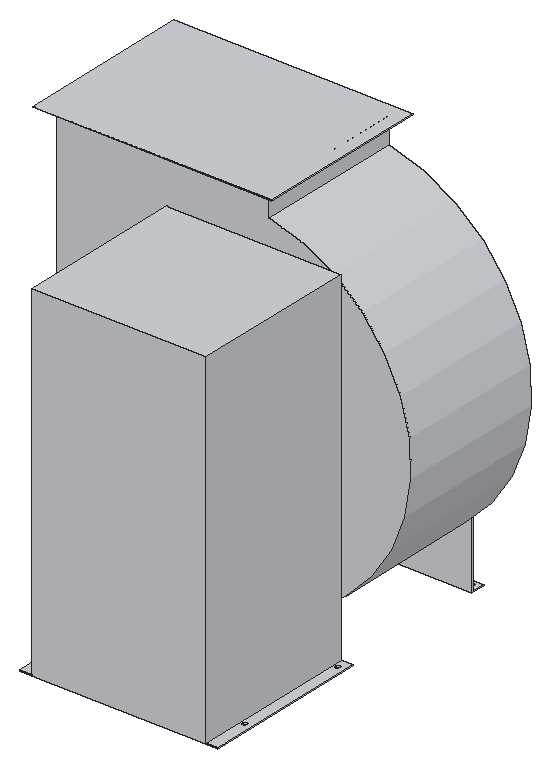
Revit family "CPFB_CW_UBD", category Mechanical Equipment, Revit 2019
Family settings
  Round Connector Dimension = Use Radius
  Part Type = Normal
  Work Plane-Based = No
  Always vertical = Yes
  Cut with Voids When Loaded = No
  Shared = No
  Room Calculation Point = No
Parameters (values of type "300-CPFB_CW_UBD")
  Z = 1' - 0 5/8"
  Y = 1' - 2 5/16"
  X = 3' - 1"
  W+M = W + M  # 2' - 2 3/16"
  W+1.5+K+L = W + 0' 1 1/2" + K + L  # 4' - 2 1/2"
  W+1.5 = W + 0' 1 1/2"  # 0' - 6 1/2"
  W = 0' - 5"
  V = 1' - 1 1/2"
  Unit Weight [instance] = ""
  U-.125 = U - 0' 0 1/8"  # 0' - 2"
  U = 0' - 2 1/8"
  T = 0' - 1"
  Sones [instance] = ""
  S/2 = S / 2  # 0' - 0 11/32"
  S = 0' - 0 11/16"
  R = 0' - 1 3/16"
  Q = 0' - 4"
  P-U = P - U  # 4' - 11 3/8"
  P = 5' - 1 1/2"
  N = 2' - 1 5/16"
  Motor RPM [instance] = ""
  Motor Enclosure [instance] = ""
  ModelID [instance] = ""
  M = 1' - 9 3/16"
  LwA [instance] = ""
  L = 2' - 2"
  K = 1' - 6"
  J = 2' - 3 3/16"
  H = 4' - 5 5/8"
  G-V = G - V  # 0' - 1 13/16"
  G = 1' - 3 5/16"
  Fan RPM [instance] = ""
  F-.125 = F - 0' 0 1/8"  # 2' - 0 1/4"
  F = 2' - 0 3/8"
  E-U = E - U  # 4' - 6 7/8"
  E = 4' - 9"
  D = 2' - 11 5/8"
  C/8*7 = C / 8 * 2.5  # 0' - 10 235/256"
  C/8 = C / 6  # 0' - 5.82292"
  C/2 = C / 2  # 1' - 5 15/32"
  C = 2' - 10 15/16"
  Brake Hp [instance] = ""
  B = 2' - 8 13/16"
  Accessories [instance] = ""
  A+.25 = A + 0' 0 1/4"  # 1' - 11 3/16"
  A = 1' - 10 15/16"
  CUT = 0' - 2 1/2"
  4" = 0' - 4"  # constant formula
  1'8" = 1' - 8"  # constant formula
  0 = 0' - 0"  # constant formula
  Voltage [instance] = 0 V
  URL = "www.lorencook.com"
  Type Comments = "Foward Curved Centrifugal Blower Clockwise Upblast Arrangement 10"  # constant formula
  Static Pressure [instance] = 0.00 in-wg
  Power [instance] = Voltage * Motor FLA * sqrt(if(Phase = 3, 3, 1))  # 0 VA
  Phase [instance] = 0
  Number of Poles [instance] = 1
  Motor Hp [instance] = "0"
  Motor FLA [instance] = 0 A
  Model = "CPFB_CW_UBD"  # constant formula
  Manufacturer = "Loren Cook Company"
  CFM [instance] = 0 CFM
  1.5 = 0' - 1 1/2"  # constant formula
  ONE EIGTH = 0' - 0 1/8"  # constant formula
  -1.5 = -0' - 1 1/2"  # constant formula
  -.125 = -0' - 0 1/8"  # constant formula
  -(A+.25) = -(A + 0' 0 1/4")  # -1' - 11 3/16"
  (C/2)-1.5 = (C / 2) - 0' 1 1/2"  # 1' - 3 31/32"
  (C/2)-.25 = (C / 2) - 0' 0 1/4"  # 1' - 5 7/32"
Types (9): name | Z | Y | X | W+M | W+1.5+K+L | W+1.5 | W | V | U-.125 | U | T | S/2 | S | R | Q | P-U | P | N | M | L | K | J | H | G-V | G | F-.125 | F | E-U | E | D | C/8*7 | C/8 | C/2 | C | B | A+.25 | A | CUT | -(A+.25) | (C/2)-1.5 | (C/2)-.25
  (no name) | 1' - 0 5/8" | 1' - 2 5/16" | 3' - 1" | 2' - 2 3/16" | 4' - 2 1/2" | 0' - 6 1/2" | 0' - 5" | 1' - 1 1/2" | 0' - 2" | 0' - 2 1/8" | 0' - 1" | 0' - 0 11/32" | 0' - 0 11/16" | 0' - 1 3/16" | 0' - 4" | 4' - 11 3/8" | 5' - 1 1/2" | 2' - 1 5/16" | 1' - 9 3/16" | 2' - 2" | 1' - 6" | 2' - 3 3/16" | 4' - 5 5/8" | 0' - 1 13/16" | 1' - 3 5/16" | 2' - 0 1/4" | 2' - 0 3/8" | 4' - 6 7/8" | 4' - 9" | 2' - 11 5/8" | 0' - 10 235/256" | 0' - 5.82292" | 1' - 5 15/32" | 2' - 10 15/16" | 2' - 8 13/16" | 1' - 11 3/16" | 1' - 10 15/16" | 0' - 2 1/2" | -1' - 11 3/16" | 1' - 3 31/32" | 1' - 5 7/32"
  150-CPFB_CW_UBD | 0' - 6 9/16" | 0' - 8 5/8" | 1' - 7 5/8" | 1' - 7 1/8" | 2' - 7 5/8" | 0' - 5 1/2" | 0' - 4" | 0' - 8" | 0' - 1 1/2" | 0' - 1 5/8" | 0' - 0 3/4" | 0' - 0 9/32" | 0' - 0 9/16" | 0' - 0 3/4" | 0' - 3" | 2' - 8 3/4" | 2' - 10 3/8" | 1' - 1 1/4" | 1' - 3 1/8" | 1' - 2 1/8" | 1' - 0" | 1' - 2 5/8" | 2' - 5 1/16" | 0' - 1 3/8" | 0' - 9 3/8" | 1' - 0 1/16" | 1' - 0 3/16" | 2' - 2 7/8" | 2' - 4 1/2" | 1' - 7 1/16" | 0' - 5 125/128" | 0' - 3 3/16" | 0' - 9 9/16" | 1' - 7 1/8" | 1' - 4 7/16" | 0' - 11 11/16" | 0' - 11 7/16" | 0' - 2" | -0' - 11 11/16" | 0' - 8 1/16" | 0' - 9 5/16"
  180-CPFB_CW_UBD | 0' - 7 3/4" | 0' - 9 5/8" | 1' - 10 7/8" | 1' - 7 1/8" | 2' - 9 15/16" | 0' - 5 1/2" | 0' - 4" | 0' - 9" | 0' - 1 1/2" | 0' - 1 5/8" | 0' - 0 3/4" | 0' - 0 9/32" | 0' - 0 9/16" | 0' - 1" | 0' - 3" | 3' - 2 1/16" | 3' - 3 11/16" | 1' - 3 9/16" | 1' - 3 1/8" | 1' - 4 7/16" | 1' - 0" | 1' - 4 15/16" | 2' - 9 9/16" | 0' - 1 3/8" | 0' - 10 3/8" | 1' - 2 1/2" | 1' - 2 5/8" | 2' - 8 9/16" | 2' - 10 3/16" | 1' - 10 1/16" | 0' - 7 23/256" | 0' - 3 25/32" | 0' - 11 11/32" | 1' - 10 11/16" | 1' - 7 11/16" | 1' - 2" | 1' - 1 3/4" | 0' - 2" | -1' - 2" | 0' - 9 27/32" | 0' - 11 3/32"
  220-CPFB_CW_UBD | 0' - 9 7/16" | 0' - 11 1/8" | 2' - 3 13/16" | 1' - 11 1/8" | 3' - 5 3/8" | 0' - 6 1/2" | 0' - 5" | 0' - 10 1/2" | 0' - 1 1/2" | 0' - 1 5/8" | 0' - 0 3/4" | 0' - 0 9/32" | 0' - 0 9/16" | 0' - 1" | 0' - 4" | 3' - 10" | 3' - 11 5/8" | 1' - 7" | 1' - 6 1/8" | 1' - 7 7/8" | 1' - 3" | 1' - 8 7/16" | 3' - 5" | 0' - 1 3/8" | 0' - 11 7/8" | 1' - 6 3/16" | 1' - 6 5/16" | 3' - 5 1/8" | 3' - 6 3/4" | 2' - 3" | 0' - 8 147/256" | 0' - 4.57292" | 1' - 1 23/32" | 2' - 3 7/16" | 2' - 0 5/8" | 1' - 5 7/16" | 1' - 5 3/16" | 0' - 2" | -1' - 5 7/16" | 1' - 0 7/32" | 1' - 1 15/32"
  250-CPFB_CW_UBD | 0' - 10 1/2" | 1' - 0 3/8" | 2' - 7" | 1' - 11 1/8" | 3' - 7 3/16" | 0' - 6 1/2" | 0' - 5" | 0' - 11 1/2" | 0' - 2" | 0' - 2 1/8" | 0' - 1" | 0' - 0 11/32" | 0' - 0 11/16" | 0' - 1" | 0' - 4" | 4' - 1 1/4" | 4' - 3 3/8" | 1' - 9 1/16" | 1' - 6 1/8" | 1' - 9 11/16" | 1' - 3" | 1' - 11" | 3' - 8 5/8" | 0' - 1 7/8" | 1' - 1 3/8" | 1' - 7 3/4" | 1' - 7 7/8" | 3' - 8 3/8" | 3' - 10 1/2" | 2' - 5 5/8" | 0' - 9 51/256" | 0' - 4 29/32" | 1' - 2 23/32" | 2' - 5 7/16" | 2' - 2 13/16" | 1' - 7" | 1' - 6 3/4" | 0' - 2" | -1' - 7" | 1' - 1 7/32" | 1' - 2 15/32"
  270-CPFB_CW_UBD | 0' - 11 7/16" | 1' - 1 3/8" | 2' - 9 3/4" | 2' - 2 1/8" | 4' - 0 1/16" | 0' - 6 1/2" | 0' - 5" | 1' - 0 1/2" | 0' - 2" | 0' - 2 1/8" | 0' - 1" | 0' - 0 11/32" | 0' - 0 11/16" | 0' - 1" | 0' - 4" | 4' - 5 5/8" | 4' - 7 3/4" | 1' - 10 15/16" | 1' - 9 1/8" | 1' - 11 9/16" | 1' - 6" | 2' - 0 7/8" | 4' - 0 7/8" | 0' - 1 7/8" | 1' - 2 3/8" | 1' - 9 15/16" | 1' - 10 1/16" | 4' - 1 3/16" | 4' - 3 5/16" | 2' - 8 3/8" | 0' - 9 251/256" | 0' - 5.32292" | 1' - 3 31/32" | 2' - 7 15/16" | 2' - 5 9/16" | 1' - 8 7/8" | 1' - 8 5/8" | 0' - 2 1/4" | -1' - 8 7/8" | 1' - 2 15/32" | 1' - 3 23/32"
  300-CPFB_CW_UBD | 1' - 0 5/8" | 1' - 2 5/16" | 3' - 1" | 2' - 2 3/16" | 4' - 2 1/2" | 0' - 6 1/2" | 0' - 5" | 1' - 1 1/2" | 0' - 2" | 0' - 2 1/8" | 0' - 1" | 0' - 0 11/32" | 0' - 0 11/16" | 0' - 1 3/16" | 0' - 4" | 4' - 11 3/8" | 5' - 1 1/2" | 2' - 1 5/16" | 1' - 9 3/16" | 2' - 2" | 1' - 6" | 2' - 3 3/16" | 4' - 5 5/8" | 0' - 1 13/16" | 1' - 3 5/16" | 2' - 0 1/4" | 2' - 0 3/8" | 4' - 6 7/8" | 4' - 9" | 2' - 11 5/8" | 0' - 10 235/256" | 0' - 5.82292" | 1' - 5 15/32" | 2' - 10 15/16" | 2' - 8 13/16" | 1' - 11 3/16" | 1' - 10 15/16" | 0' - 2 1/2" | -1' - 11 3/16" | 1' - 3 31/32" | 1' - 5 7/32"
  120-CPFB_CW_UBD | 0' - 5 7/16" | 0' - 8 5/8" | 1' - 4 5/16" | 1' - 5 1/8" | 2' - 3 3/8" | 0' - 5 1/2" | 0' - 4" | 0' - 8" | 0' - 1 1/2" | 0' - 1 5/8" | 0' - 0 3/4" | 0' - 0 9/32" | 0' - 0 9/16" | 0' - 0 3/4" | 0' - 3" | 2' - 5 3/4" | 2' - 7 3/8" | 0' - 11" | 1' - 1 1/8" | 0' - 11 7/8" | 0' - 10" | 1' - 0 3/8" | 2' - 2 1/4" | 0' - 1 3/8" | 0' - 9 3/8" | 0' - 9 5/8" | 0' - 9 3/4" | 1' - 9 3/16" | 1' - 10 13/16" | 1' - 6" | 0' - 5 5/128" | 0' - 2 11/16" | 0' - 8 1/16" | 1' - 4 1/8" | 1' - 1 1/8" | 0' - 9 7/16" | 0' - 9 3/16" | 0' - 2 1/2" | -0' - 9 7/16" | 0' - 6 9/16" | 0' - 7 13/16"
  100-CPFB_CW_UBD | 0' - 4 5/8" | 0' - 8 5/8" | 1' - 2 1/16" | 1' - 5 1/8" | 2' - 1 3/4" | 0' - 5 1/2" | 0' - 4" | 0' - 8" | 0' - 1 1/2" | 0' - 1 5/8" | 0' - 0 3/4" | 0' - 0 9/32" | 0' - 0 9/16" | 0' - 0 3/4" | 0' - 3" | 2' - 5 1/8" | 2' - 6 3/4" | 0' - 9 3/8" | 1' - 1 1/8" | 0' - 10 1/4" | 0' - 10" | 0' - 10 3/4" | 2' - 1 1/4" | 0' - 1 3/8" | 0' - 9 3/8" | 0' - 8" | 0' - 8 1/8" | 1' - 5 3/8" | 1' - 7" | 1' - 6" | 0' - 4 53/128" | 0' - 2.35417" | 0' - 7 1/16" | 1' - 2 1/8" | 0' - 10 15/16" | 0' - 7 13/16" | 0' - 7 9/16" | 0' - 3 1/2" | -0' - 7 13/16" | 0' - 5 9/16" | 0' - 6 13/16"
Reference planes (in)
  plane 1 "Center (Front/Back)": y = 0
  plane 2: z = 0
  plane 3 "Center (Left/Right)": x = 0.40541
Forms (in)
  Extrusion 1, solid
    sketch origin (0, 0, 0) x (1, 0, 0) y (0, 1, 0)
      loop
        line (-13.09459, 0) -> (-13.09459, -26.1875) -> (13.90541, -26.1875) -> (13.90541, 0) -> (-13.09459, 0)
    from 0 to 53.625 <- "H"
  Extrusion 2, solid
    sketch origin (0, 0, 0) x (1, 0, 0) y (0, 1, 0)
      loop
        line (-13.09459, 0) -> (-14.90709, 0) -> (-14.90709, -26.1875) -> (-13.09459, -26.1875) -> (-13.09459, 0)
      loop
        line (13.90541, 0) -> (13.90541, -26.1875) -> (15.71791, -26.1875) -> (15.71791, 0) -> (13.90541, 0)
    from 0 to 0.125 <- "ONE EIGTH"
  Extrusion 3, solid
    sketch origin (0, 0, 0) x (1, 0, 0) y (0, 1, 0)
      loop
        line (-14.90709, 25.3125) -> (-14.90709, 23.1875) -> (15.71791, 23.1875) -> (15.71791, 25.3125) -> (-14.90709, 25.3125)
    from 0 to 0.125 <- "ONE EIGTH"
  Extrusion 4, solid
    sketch origin (15.71791, 23.1875, 0) x (-1, 0, 0) y (0, 0, -1)
      loop
        line (30.625, 0) -> (0, 0) -> (0, -35.625) -> (30.625, -35.625) -> (30.625, 0)
    from 0 to 0.125 <- "ONE EIGTH"
  Extrusion 5, void
    sketch origin (15.71791, 23.1875, 0) x (1, 0, 0) y (0, 0, -1)
      loop
        circle (-15.3125, -35.625) r 17.46875
    from -0.125 <- "-.125" to 0 <- "0"
  Extrusion 6, void
    sketch origin (0, 0, 0) x (1, 0, 0) y (0, 1, 0)
      loop
        circle (14.71791, -1.6875) r 0.34375
      loop
        circle (14.71791, -19.6875) r 0.34375
      loop
        circle (-13.90709, -19.6875) r 0.34375
      loop
        circle (-13.90709, -1.6875) r 0.34375
    from -12 to 12
  Extrusion 7, void
    sketch origin (0, 0, 0) x (1, 0, 0) y (0, 1, 0)
      loop
        circle (14.71791, 24.3125) r 0.34375
      loop
        circle (-13.90709, 24.3125) r 0.34375
    from -0.125 <- "-.125" to 0.125 <- "ONE EIGTH"
  Extrusion 8, solid
    sketch origin (15.71791, 23.0625, 0) x (-1, 0, 0) y (0, 0, -1)
      loop
        circle (15.3125, -35.625) r 17.46875
      loop
        circle (15.3125, -35.625) r 17.21875
    from 0 to -1.5 <- "-1.5"
  Extrusion 9, solid
    sketch origin (0, 0, 0) x (1, 0, 0) y (0, 0, 1)
      loop
        line (2.71791, 61.5) -> (-30.09459, 61.5) -> (-30.09459, 30.59413)
        arc (-30.09459, 30.59413) -> (14.74032, 9.37748) -> (2.71791, 57.5) r 27.4375
        line (2.71791, 57.5) -> (2.71791, 61.5)
    from 0 to -23.1875 <- "-(A+.25)"
  Extrusion 10, solid
    sketch origin (2.71791, 0, 61.5) x (-1, 0, 0) y (0, -1, 0)
      loop
        line (34.9375, 2) -> (-2.0625, 2) -> (-2.0625, -25.1875) -> (34.9375, -25.1875) -> (34.9375, 2)
    from 0 to 0.125 <- "ONE EIGTH"
  Revolve 11, void
    sketch origin (0.40541, 0, 0) x (0, 1, 0) y (0, 0, 1)
      loop
        line (23.1875, 51.59375) -> (17.36458, 46.54297) -> (17.36458, 35.625) -> (23.1875, 35.625) -> (23.1875, 51.59375)
      axis (17.36458, 35.625) -> (23.1875, 35.625)
    angle from 0 to 360
Cuts and joins
  Extrusion 5, Extrusion 7, Revolve 11 cuts Extrusion 4
  Extrusion 6 cuts Extrusion 1
  Extrusion 6 cuts Extrusion 2
  Extrusion 7 cuts Extrusion 3
  Revolve 11 cuts Extrusion 9
  Revolve 11 cuts Extrusion 8
Dimensions and locks (in)
  "0": Extrusion 1 sketch curve to plane 1 "Center (Front/Back)"
  "W+M": plane 1 "Center (Front/Back)" to Extrusion 1 sketch curve
  "V": plane 3 "Center (Left/Right)" to Extrusion 1 sketch curve
  "V": Extrusion 1 sketch curve to plane 3 "Center (Left/Right)"
  "0": Extrusion 2 sketch curve to plane 1 "Center (Front/Back)"  (x2)
  "0": Extrusion 1 to Extrusion 2 sketch curve  (x2)
  "0": Extrusion 2 sketch curve to Extrusion 1  (x2)
  "G-V": Extrusion 2 sketch curve to Extrusion 2 sketch curve  (x2)
  "N": plane 1 "Center (Front/Back)" to Extrusion 3 sketch curve
  "A+.25": Extrusion 3 sketch curve to plane 1 "Center (Front/Back)"
  "0": Extrusion 2 to Extrusion 3 sketch curve  (x2)
  "0": Extrusion 1 to Extrusion 4 sketch curve
  "D": Extrusion 4 sketch curve to Extrusion 4 sketch curve
  "0": Extrusion 4 sketch curve to Extrusion 2  (x2)
  "D": Extrusion 1 to Extrusion 5 sketch curve
  "V": Extrusion 1 to Extrusion 5 sketch curve
  "Y": plane 3 "Center (Left/Right)" to Extrusion 6 sketch curve  (x2)
  "Y": Extrusion 6 sketch curve to plane 3 "Center (Left/Right)"  (x2)
  "W+1.5": Extrusion 1 to Extrusion 6 sketch curve  (x2)
  "K": Extrusion 6 sketch curve to Extrusion 6 sketch curve  (x2)
  "W+1.5+K+L": cut or joined group of Extrusion 1, Extrusion 6 to Extrusion 7 sketch curve  (x2)
  "V": cut or joined group of Extrusion 1, Extrusion 6 to Extrusion 8 sketch curve  (x2)
  "D": Extrusion 8 sketch curve to cut or joined group of Extrusion 1, Extrusion 6  (x2)
  "T": Extrusion 7 sketch curve to cut or joined group of Extrusion 3, Extrusion 7
  "T": cut or joined group of Extrusion 3, Extrusion 7 to Extrusion 7 sketch curve
  "F": Extrusion 9 sketch curve to plane 3 "Center (Left/Right)"
  "E-U": Extrusion 9 sketch curve to Extrusion 9 sketch curve
  "P": Extrusion 9 sketch curve to level
  "B": Extrusion 9 sketch curve to Extrusion 9 sketch curve
  "J": Extrusion 10 sketch curve to Extrusion 10 sketch curve
  "X": Extrusion 10 sketch curve to Extrusion 10 sketch curve
  "U-.125": Extrusion 10 sketch curve to cut or joined group of Extrusion 9, Revolve 11
  "U": Extrusion 10 sketch curve to cut or joined group of Extrusion 9, Revolve 11
  "D": Revolve 11 sketch curve to level  (x2)
  "0": Revolve 11 sketch curve to cut or joined group of Extrusion 9, Revolve 11
  "C/8": Revolve 11 sketch curve to Revolve 11 sketch curve
  "C/8*7": Revolve 11 sketch curve to Revolve 11 sketch curve
  "(C/2)-1.5": Revolve 11 sketch curve to Revolve 11 sketch curve
  "4"": Extrusion 9 sketch curve to Extrusion 9 sketch curve
  "C/2": radius of Extrusion 5 sketch curve
  "S/2": radius of Extrusion 6 sketch curve  (x4)
  "S/2": radius of Extrusion 7 sketch curve  (x2)
  "C/2": radius of Extrusion 8 sketch curve
  "(C/2)-.25": radius of Extrusion 8 sketch curve
Automatic sketch dimensions
  Revolve 11 sketch curve to Revolve 11 sketch curve = 0' - 0"
  Revolve 11 sketch curve to Revolve 11 sketch curve = 0' - 3 3/4"
Connectors (in)
  hvac at (0.40541, 24.5625, 35.625), driven by "C/2"
    settings: on cut or joined group of Extrusion 8, Revolve 11, index 1, duct flow 0 CFM, flow factor 0, pres drop 0.00 in-wg, loss coef 0, conn angle 0.00°, conn width 12", conn height 12", conn diameter 34 15/16", duct sys type 29, conn prof type 0, flow config 0, flow direction 1, loss method 0, conn ref index -1, conn util no, is conn primary yes, conn desc ""
  hvac at (-13.71959, 11.59375, 61.5), driven by "B", driven by "A"
    settings: on Extrusion 10, index 2, duct flow 0 CFM, flow factor 0, pres drop 0.00 in-wg, loss coef 0, conn angle 0.00°, conn width 32 13/16", conn height 22 15/16", conn diameter 24", duct sys type 29, conn prof type 1, flow config 0, flow direction 2, loss method 0, conn ref index -1, conn util no, is conn primary no, conn desc ""
  electrical at (13.90541, -13.09375, 26.8125)
    settings: on cut or joined group of Extrusion 1, Extrusion 6, index 3, voltage 0 V, apparent load 0 VA, apparent load phase1 0 VA, apparent load phase2 0 VA, apparent load phase3 0 VA, power factor 1, load classification "Other", number of poles 1, system type 30, power factor state 1, is connector primary yes, connector utility no, sub classification motor no, connector description ""
